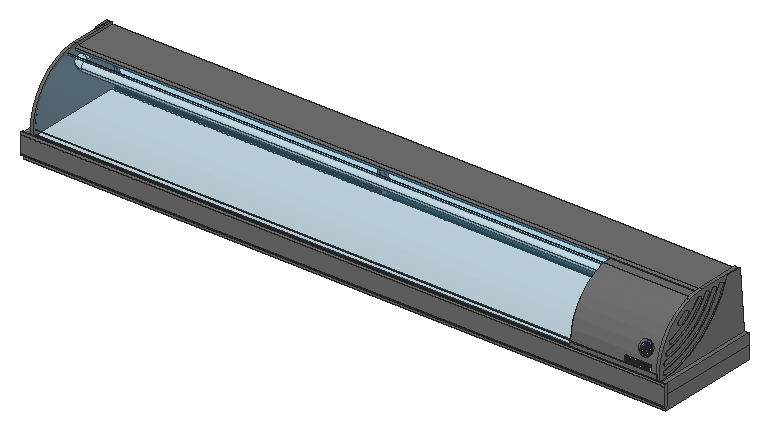
Revit family "QF_HOSHIZAKI_HNC-210BE-R-BLH", category Specialty Equipment, Revit 2016
Family settings
  Part Type = Normal
  Round Connector Dimension = Use Diameter
  OmniClass Number = 23.40.40.14
  OmniClass Title = Food Service Equipment
  Work Plane-Based = No
  Always vertical = Yes
  Cut with Voids When Loaded = No
  Shared = No
  Room Calculation Point = No
Parameters (values of type "HNC-210BE-R-BLH_230V/1Ph/50Hz")
  Weight = 47.00 kg
  Waste Remarks [instance] = ""
  Volts = 230 V
  URL Cutsheet = ""
  URL = "www.hoshizaki-europe.com"
  Status [instance] = ""
  Specification by User [instance] = ""
  Specification by Manufacturer [instance] = ""
  Serial Number = ""
  Seismic Rating = ""
  SMACNA No = ""
  Revision Code [instance] = ""
  Phase = 1
  Number of Poles = 2
  NAFEM Spec ID Number = ""
  Model = "HNC-210BE-R-BLH"
  Min Ckt Ampacity = 0 A
  Max Overcurrent Protection = 0 A
  Masterspec = ""
  Manufacturer = "HOSHIZAKI"
  Length Actual = 2100 mm
  Item Number [instance] = ""
  Installed By [instance] = ""
  Indirect Waste Size = 50.8 mm
  Indirect Waste Connection Type [instance] = ""
  Indirect Waste Connection Height [instance] = 23 mm
  Identify Quantity as Lot [instance] = no
  Height Actual = 270 mm
  HP power = ""
  Furnished By [instance] = ""
  Foodservice Equipment Identifier [instance] = yes
  FL Amps = 0.6 A
  Electric power = 140 W
  Electric Connection Type [instance] = ""
  Elec Conn RI Height [instance] = 0 mm
  Elec Conn Connection Height [instance] = 19 mm
  Direct Waste RI Height [instance] = 0 mm
  Description = "SUSHI CASE WITH LED LIGHTING, RIGHT SIDED - BLACK"
  Depth Actual = 345 mm
  Cycle = 50 Hz
  Cost = 0
  Conn Plug = ""
  Conn Conduit = no
  CSI MasterFormat = ""
  Assembly Code = "E1090320"
  Apparent Power = 140 VA
  Accessory = no
Reference planes
  plane 1 "Center (Front/Back)": y = 0
  plane 2: z = 0
  plane 3 "Center (Left/Right)": x = 0
Forms (mm)
  Extrusion 1, solid, not visible
    sketch origin (2069, -2, 18) x (1, 0, 0) y (0, 1, 0)
      loop
        line (0, 0) -> (2, 0) -> (2, 2) -> (0, 2) -> (0, 0)
    from 0 to 2
  Extrusion 2, solid, not visible
    sketch origin (67, -2, 22) x (1, 0, 0) y (0, 1, 0)
      loop
        line (0, 0) -> (2, 0) -> (2, 2) -> (0, 2) -> (0, 0)
    from 0 to 2
Dimensions and locks
  aligned and locked: level to plane 2
Nested families
  nested 1: "QF_HOSHIZAKI_HNC-210BE-R-BLH_230V_1Ph_50Hz" at (0, 0, 0), type "HNC-210BE-R-BLH_230V/1Ph/50Hz"
    with Status "", Specification by User "", Show Clearance yes, Revision Code "", Number of Poles 1, Item Number "", Installed By "", Identify Quantity as Lot no, Furnished By "", Foodservice Equipment Identifier yes, Electrical Remarks "", Electric Connection Type "", Elec Conn RI Height 0 mm, Elec Conn Connection Height 19 mm, Conn Conduit yes
Connectors
  electrical at (2070, 0, 19), driven by "Apparent Power", driven by "Number of Poles", driven by "Volts"
    settings: on Extrusion 1, index 1, voltage 230 V, apparent load 0 VA, apparent load phase1 140 VA, apparent load phase2 0 VA, apparent load phase3 0 VA, power factor 1, load classification "Other", number of poles 2, system type 31, power factor state 1, is connector primary yes, connector utility no, sub classification motor no, connector description "Electric connection for 'HNC-210BE-R-BLH'"
  piping at (68, 0, 23), diameter 50.8, driven by "Indirect Waste Size"
    settings: on Extrusion 2, index 2, connector inside diameter 609.6 mm, connector length 0 mm, flow factor 0, pipe flow 0.0 L/s, pressure drop 0.0 Pa, fitting loss kfactor 0, connector angle 0.00°, fixture units 0, engagement length 0 mm, angle of deflection 0.00°, flow configuration 1, flow direction 2, fitting loss method 0, system type 16, joint type 0, gender type 0, connector reference index -1, connector utility 0, adjustable connector no, is connector primary yes, connector description "Drain connection for 'HNC-210BE-R-BLH'"
Definition of nested family "QF_HOSHIZAKI_HNC-210BE-R-BLH_230V_1Ph_50Hz"
  Parameters (values of type "HNC-210BE-R-BLH_230V/1Ph/50Hz")
    Weight in Pounds = 103.6171
    Electric power = 150 W
    Volts = 230 V
    URL Cutsheet = "www.hoshizaki-europe.com"
    URL = "www.hoshizaki-europe.com"
    Status [instance] = ""
    Specification by User [instance] = ""
    Specification by Manufacturer = ""
    Show Logo = yes
    Show Clearance [instance] = yes
    Serial Number = ""
    Seismic Rating = ""
    SMACNA No = ""
    Revision Code [instance] = ""
    Phase = 1
    Number of Poles [instance] = 1
    NAFEM Spec ID Number = ""
    Model = "HNC-210BE-R-BLH"
    Min Ckt Ampacity = 0 A
    Max Overcurrent Protection = 0 A
    Masterspec = ""
    Manufacturer = "HOSHIZAKI"
    Item Number [instance] = ""
    Installed By [instance] = ""
    Identify Quantity as Lot [instance] = no
    HP power = "0.201153000000"
    Furnished By [instance] = ""
    Foodservice Equipment Identifier [instance] = yes
    FL Amps = 20 A
    Electrical Remarks [instance] = ""
    Electric Connection Type [instance] = ""
    Elec Conn RI Height [instance] = 0 mm
    Elec Conn Connection Height [instance] = 19 mm
    Description = "SUSHI CASE WITH LED LIGHTING, RIGHT SIDED - BLACK"
    Cycle = 50 Hz
    Conn Plug = ""
    Conn Conduit [instance] = yes
    CSI MasterFormat = ""
    Assembly Code = "E1090320"
    Apparent Power = 150 VA
  Reference planes
    plane 1 "Back": y = 0
    plane 2: z = 0
    plane 3 "Left": x = 0
    plane 4 "Right": x = 2100
    plane 5 "Front": y = -345
    plane 6 "Top": z = 270
  Forms (mm)
    Extrusion 1, solid
      sketch origin (2100, 0, 0) x (0, 1, 0) y (0, 0, -1)
        loop
          line (-335, -11.612) -> (-340, -11.612)
          arc (-340, -11.612) -> (-343.536, -13.076) -> (-345, -16.612) r 5
          line (-345, -16.612) -> (-345, -73.923)
          arc (-345, -73.923) -> (-343.536, -77.458) -> (-340, -78.923) r 5
          line (-340, -78.923) -> (-335, -78.923) -> (-335, -11.612)
      from 0 to 2100
    Extrusion 2, solid
      sketch origin (2096, 0, 0) x (0, 1, 0) y (0, 0, -1)
        loop
          line (0, 0) -> (-335, 0) -> (-335, -45.267) -> (0, -45.267) -> (0, 0)
      from 2092 to 0
    Extrusion 3, solid
      sketch origin (20, 0, 0) x (0, 1, 0) y (0, 0, 1)
        loop
          line (-335, 77.311) -> (-335, 45.267) -> (0, 45.267) -> (0, 81.612) -> (-16.482, 270) -> (-62.821, 270)
          arc (-62.821, 270) -> (-168.876, 131.23) -> (-335, 77.311) r 293.422
        loop
          arc (-83.709, 252.219) -> (-87.673, 258.508) -> (-95.039, 257.5) r 6.865
          arc (-95.039, 257.5) -> (-185.592, 150.044) -> (-318.029, 103.066) r 268.422
          arc (-318.029, 103.066) -> (-323.161, 96.407) -> (-317.08, 90.602) r 6.285
          arc (-317.08, 90.602) -> (-178.479, 139.765) -> (-83.709, 252.219) r 280.922
        loop
          arc (-111.859, 251.686) -> (-115.571, 258.059) -> (-122.925, 257.5) r 6.947
          arc (-122.925, 257.5) -> (-202.759, 168.597) -> (-315.28, 128.393) r 243.422
          arc (-315.28, 128.393) -> (-320.31, 121.62) -> (-314.06, 115.953) r 6.28
          arc (-314.06, 115.953) -> (-195.78, 158.227) -> (-111.859, 251.686) r 255.922
        loop
          arc (-140.937, 251.021) -> (-143.81, 258.338) -> (-151.626, 257.5) r 6.48
          arc (-151.626, 257.5) -> (-218.228, 188.332) -> (-308.057, 154.411) r 218.422
          arc (-308.057, 154.411) -> (-312.519, 147.451) -> (-306.269, 142.04) r 6.315
          arc (-306.269, 142.04) -> (-211.328, 177.909) -> (-140.937, 251.021) r 230.922
        loop
          arc (-173, 248.071) -> (-175.054, 255.795) -> (-183.042, 255.516) r 6.411
          arc (-183.042, 255.516) -> (-231.849, 209.297) -> (-293.527, 182.572) r 193.422
          arc (-293.527, 182.572) -> (-298.352, 176.046) -> (-293.13, 169.833) r 6.554
          arc (-293.13, 169.833) -> (-226.037, 198.16) -> (-173, 248.071) r 205.922
        loop
          arc (-225.482, 229.368) -> (-225.701, 237.193) -> (-233.285, 239.134) r 6.501
          arc (-233.285, 239.134) -> (-246.737, 229.431) -> (-261.08, 221.097) r 168.422
          arc (-261.08, 221.097) -> (-262.519, 213.318) -> (-255.34, 209.993) r 6.452
          arc (-255.34, 209.993) -> (-239.933, 218.945) -> (-225.482, 229.368) r 180.922
      from 0 to 5
    Extrusion 4, solid
      sketch origin (25, 0, 0) x (0, 1, 0) y (0, 0, 1)
        loop
          line (-335, 45.267) -> (0, 45.267) -> (0, 81.612) -> (-16.482, 270) -> (-157.482, 270)
          arc (-157.482, 270) -> (-288.48, 212.569) -> (-335, 77.311) r 178.115
          line (-335, 77.311) -> (-335, 45.267)
      from 0 to 10
    Extrusion 5, solid
      sketch origin (2080, 0, 0) x (0, 1, 0) y (0, 0, -1)
        loop
          arc (-335, -77.311) -> (-168.876, -131.23) -> (-62.821, -270) r 293.422
          line (-62.821, -270) -> (-16.482, -270) -> (0, -81.612) -> (0, -45.267) -> (-335, -45.267) -> (-335, -77.311)
        loop
          arc (-83.709, -252.219) -> (-178.479, -139.765) -> (-317.08, -90.602) r 280.922
          arc (-317.08, -90.602) -> (-323.161, -96.407) -> (-318.029, -103.066) r 6.285
          arc (-318.029, -103.066) -> (-185.592, -150.044) -> (-95.039, -257.5) r 268.422
          arc (-95.039, -257.5) -> (-87.673, -258.508) -> (-83.709, -252.219) r 6.865
        loop
          arc (-111.859, -251.686) -> (-195.78, -158.227) -> (-314.06, -115.953) r 255.922
          arc (-314.06, -115.953) -> (-320.31, -121.62) -> (-315.28, -128.393) r 6.28
          arc (-315.28, -128.393) -> (-202.759, -168.597) -> (-122.925, -257.5) r 243.422
          arc (-122.925, -257.5) -> (-115.571, -258.059) -> (-111.859, -251.686) r 6.947
        loop
          arc (-140.937, -251.021) -> (-211.328, -177.909) -> (-306.269, -142.04) r 230.922
          arc (-306.269, -142.04) -> (-312.519, -147.451) -> (-308.057, -154.411) r 6.315
          arc (-308.057, -154.411) -> (-218.228, -188.332) -> (-151.626, -257.5) r 218.422
          arc (-151.626, -257.5) -> (-143.81, -258.338) -> (-140.937, -251.021) r 6.48
        loop
          arc (-173, -248.071) -> (-226.037, -198.16) -> (-293.13, -169.833) r 205.922
          arc (-293.13, -169.833) -> (-298.352, -176.046) -> (-293.527, -182.572) r 6.554
          arc (-293.527, -182.572) -> (-231.849, -209.297) -> (-183.042, -255.516) r 193.422
          arc (-183.042, -255.516) -> (-175.054, -255.795) -> (-173, -248.071) r 6.411
        loop
          arc (-225.482, -229.368) -> (-239.933, -218.945) -> (-255.34, -209.993) r 180.922
          arc (-255.34, -209.993) -> (-262.519, -213.318) -> (-261.08, -221.097) r 6.452
          arc (-261.08, -221.097) -> (-246.737, -229.431) -> (-233.285, -239.134) r 168.422
          arc (-233.285, -239.134) -> (-225.701, -237.193) -> (-225.482, -229.368) r 6.501
      from 0 to 5
    Extrusion 6, solid
      sketch origin (2075, 0, 0) x (0, 1, 0) y (0, 0, -1)
        loop
          line (-335, -45.267) -> (-335, -77.311)
          arc (-335, -77.311) -> (-288.48, -212.569) -> (-157.482, -270) r 178.115
          line (-157.482, -270) -> (-16.482, -270) -> (0, -81.612) -> (0, -45.267) -> (-335, -45.267)
      from 0 to 10
    Extrusion 7, solid
      sketch origin (2100, 0, 0) x (0, 1, 0) y (0, 0, -1)
        loop
          line (-335.005, -77.311) -> (-335.597, -91.885) -> (-330.597, -91.885)
          arc (-330.597, -91.885) -> (-293.716, -198.698) -> (-198.787, -260) r 173.115
          line (-198.787, -260) -> (-15.607, -260) -> (0, -81.612) -> (0, -45.267) -> (-9.983, -45.267) -> (-9.983, -77.311) -> (-335.005, -77.311)
      from 35 to 317
    Extrusion 8, solid
      sketch origin (2100, 0, 0) x (0, 1, 0) y (0, 0, -1)
        loop
          line (-9.983, -45.267) -> (-335, -45.267) -> (-335, -67.293)
          arc (-335, -67.293) -> (-332.066, -74.377) -> (-324.983, -77.311) r 10.017
          line (-324.983, -77.311) -> (-20.035, -77.311)
          arc (-20.035, -77.311) -> (-12.951, -74.377) -> (-9.983, -67.293) r 10.017
          line (-9.983, -67.293) -> (-9.983, -45.267)
      from 35 to 2065
    Extrusion 9, solid
      sketch origin (2100, 0, 0) x (0, 1, 0) y (0, 0, -1)
        loop
          line (-16.044, -265) -> (-15.169, -255) -> (-166.142, -255) -> (-166.142, -260)
          arc (-166.142, -260) -> (-162.482, -263.66) -> (-157.482, -265) r 10
          line (-157.482, -265) -> (-16.044, -265)
      from 35 to 2065
    Extrusion 10, solid
      sketch origin (2100, 0, 0) x (0, 1, 0) y (0, 0, -1)
        loop
          line (-166.142, -260) -> (-166.142, -255) -> (-198.178, -255)
          arc (-198.178, -255) -> (-289.967, -195.377) -> (-325.597, -91.885) r 168.115
          line (-325.597, -91.885) -> (-325.597, -77.395) -> (-330.597, -77.395) -> (-330.597, -91.885)
          arc (-330.597, -91.885) -> (-293.716, -198.698) -> (-198.787, -260) r 173.115
          line (-198.787, -260) -> (-166.142, -260)
      from 317 to 2065
    Sweep 11, solid
      path origin (1201.432, 0, 230) x (-1, 0, 0) y (0, -1, 0)
        loop
          line (1072.551, 50.66) -> (1112.551, 50.66)
          arc (1112.551, 50.66) -> (1140.051, 62.051) -> (1151.442, 89.551) r 38.891
          line (1151.442, 89.551) -> (1151.442, 153.787)
          arc (1151.442, 153.787) -> (1142.122, 176.287) -> (1119.622, 185.607) r 31.82
          line (1119.622, 185.607) -> (-580.378, 185.607)
      profile origin (108.88, -50.66, 230) x (0, -1, 0) y (0, 0, 1)
        loop
          circle (0, 0) r 12.5
    Extrusion 12, solid
      sketch origin (2100, 0, 0) x (0, 1, 0) y (0, 0, -1)
        loop
          line (0, -45.267) -> (-10, -45.267) -> (-10, -77.311) -> (-5, -77.311) -> (-5, -81.612) -> (-6.743, -101.536) -> (-1.743, -101.536) -> (0, -81.612) -> (0, -45.267)
      from 317 to 2065
    Extrusion 13, solid
      sketch origin (1200, 0, 0) x (0, 1, 0) y (0, 0, -1)
        loop
          line (-6.743, -101.536) -> (-20.169, -255) -> (-15.169, -255) -> (-1.743, -101.536) -> (-6.743, -101.536)
      from 1150 to 1165
    Extrusion 14, solid
      sketch origin (1783, -10, 0) x (0, 1, 0) y (0, 0, -1)
        loop
          line (-5, -77.311) -> (-9.917, -77.311) -> (-9.917, -80.666) -> (-25.169, -255) -> (-20.169, -255) -> (-5, -81.612) -> (-5, -77.311)
      from 0 to 850
    Extrusion 15, solid
      sketch origin (2100, 0, 0) x (-1, 0, 0) y (0, 0, -1)
        loop
          line (20, -45.267) -> (4, -45.267) -> (4, -78.923) -> (20, -78.923) -> (20, -45.267)
      from 0 to 335
    Extrusion 16, solid
      sketch origin (20, 0, 0) x (-1, 0, 0) y (0, 0, -1)
        loop
          line (16, -45.267) -> (0, -45.267) -> (0, -78.923) -> (16, -78.923) -> (16, -45.267)
      from 0 to 335
    Extrusion 17, solid
      sketch origin (2070, 5, 19) x (-1, 0, 0) y (0, 0, -1)
        loop
          circle (0, 0) r 5
      from 0 to 5
    Extrusion 18, solid
      sketch origin (600, 0, 0) x (0, 1, 0) y (0, 0, -1)
        loop
          line (-5, -77.311) -> (-9.917, -77.311) -> (-9.917, -80.666) -> (-25.169, -255) -> (-20.169, -255) -> (-5, -81.612) -> (-5, -77.311)
      from -300 to 550
    Extrusion 19, solid
      sketch origin (900, 0, 0) x (0, 1, 0) y (0, 0, 1)
        loop
          line (-6.743, 101.536) -> (-2.401, 109.056) -> (-14.603, 248.524) -> (-20.169, 255) -> (-25.169, 255) -> (-9.917, 80.666) -> (-4.917, 80.666) -> (-6.743, 101.536)
      from 16 to 0
    Extrusion 20, solid
      sketch origin (917, -10, 0) x (0, 1, 0) y (0, 0, 1)
        loop
          line (-6.743, 101.536) -> (-2.401, 109.056) -> (-14.603, 248.524) -> (-20.169, 255) -> (-25.169, 255) -> (-9.917, 80.666) -> (-4.917, 80.666) -> (-6.743, 101.536)
      from 16 to 0
    Extrusion 21, solid, visible <- "Show Logo"
      sketch origin (1913.022, -388.555, -502.69) x (1, 0, 0) y (0, 0.087156, 0.996195)
        loop
          line (55.338, 616.136) -> (55.338, 615.183) -> (56.401, 614.569) -> (56.401, 609.537) -> (55.338, 608.924) -> (55.338, 607.971) -> (59.638, 607.971) -> (59.638, 608.924) -> (58.286, 609.537) -> (58.286, 611.434) -> (61.704, 611.434) -> (61.704, 609.537) -> (60.353, 608.924) -> (60.353, 607.971) -> (64.652, 607.971) -> (64.652, 608.924) -> (63.589, 609.537) -> (63.589, 614.569) -> (64.652, 615.183) -> (64.652, 616.136) -> (60.353, 616.136) -> (60.353, 615.183) -> (61.704, 614.569) -> (61.704, 612.924) -> (58.286, 612.924) -> (58.286, 614.569) -> (59.638, 615.183) -> (59.638, 616.136) -> (55.338, 616.136)
        loop
          spline (69.001, 608.002) -> (70.129, 608.14) -> (71.179, 608.547) -> (72.081, 609.193) -> (72.773, 610.035) -> (73.209, 611.016) -> (73.357, 612.069) -> (73.209, 613.121) -> (72.773, 614.102) -> (72.081, 614.944) -> (71.179, 615.591) -> (70.129, 615.997) -> (69.001, 616.136)
          spline (69.001, 616.136) -> (67.874, 615.997) -> (66.824, 615.591) -> (65.922, 614.944) -> (65.229, 614.102) -> (64.794, 613.121) -> (64.646, 612.069) -> (64.794, 611.016) -> (65.229, 610.035) -> (65.922, 609.193) -> (66.824, 608.547) -> (67.874, 608.14) -> (69.001, 608.002)
        loop
          spline (68.927, 609) -> (69.484, 609.105) -> (70.004, 609.411) -> (70.45, 609.899) -> (70.792, 610.534) -> (71.007, 611.274) -> (71.08, 612.069) -> (71.007, 612.863) -> (70.792, 613.603) -> (70.45, 614.239) -> (70.004, 614.726) -> (69.484, 615.033) -> (68.927, 615.137)
          spline (68.927, 615.137) -> (68.37, 615.033) -> (67.851, 614.726) -> (67.405, 614.239) -> (67.063, 613.603) -> (66.847, 612.863) -> (66.774, 612.069) -> (66.847, 611.274) -> (67.063, 610.534) -> (67.405, 609.899) -> (67.851, 609.411) -> (68.37, 609.105) -> (68.927, 609)
        loop
          line (81.179, 616.194) -> (79.474, 615.758)
          arc (79.474, 615.758) -> (77.281, 616.22) -> (75.089, 615.753) r 5.403
          arc (75.089, 615.753) -> (73.886, 613.9) -> (75.089, 612.047) r 2.029
          line (75.089, 612.047) -> (78.971, 610.634)
          arc (78.971, 610.634) -> (79.436, 609.97) -> (78.971, 609.307) r 0.706
          arc (78.971, 609.307) -> (77.855, 609.11) -> (76.74, 609.307) r 3.262
          line (76.74, 609.307) -> (75.274, 610.772) -> (73.787, 610.772) -> (73.787, 608.097) -> (75.666, 608.577)
          arc (75.666, 608.577) -> (78.223, 607.78) -> (80.78, 608.577) r 4.5
          arc (80.78, 608.577) -> (81.48, 610.43) -> (80.78, 612.283) r 2.804
          line (80.78, 612.283) -> (76.487, 613.433)
          arc (76.487, 613.433) -> (75.882, 614.221) -> (76.487, 615.009) r 0.816
          arc (76.487, 615.009) -> (77.614, 615.157) -> (78.742, 615.009) r 4.357
          line (78.742, 615.009) -> (79.927, 613.433) -> (81.179, 613.433) -> (81.179, 616.194)
        loop
          line (82.271, 616.136) -> (82.271, 615.183) -> (83.334, 614.569) -> (83.334, 609.537) -> (82.271, 608.924) -> (82.271, 607.971) -> (86.57, 607.971) -> (86.57, 608.924) -> (85.219, 609.537) -> (85.219, 611.434) -> (88.636, 611.434) -> (88.636, 609.537) -> (87.285, 608.924) -> (87.285, 607.971) -> (91.585, 607.971) -> (91.585, 608.924) -> (90.522, 609.537) -> (90.522, 614.569) -> (91.585, 615.183) -> (91.585, 616.136) -> (87.285, 616.136) -> (87.285, 615.183) -> (88.636, 614.569) -> (88.636, 612.924) -> (85.219, 612.924) -> (85.219, 614.569) -> (86.57, 615.183) -> (86.57, 616.136) -> (82.271, 616.136)
        loop
          line (96.706, 616.136) -> (92.416, 616.136) -> (92.416, 615.183) -> (93.479, 614.569) -> (93.479, 609.537) -> (92.416, 608.924) -> (92.416, 607.971) -> (96.706, 607.971) -> (96.706, 608.924) -> (95.643, 609.537) -> (95.643, 614.569) -> (96.706, 615.183) -> (96.706, 616.136)
        loop
          line (97.667, 616.136) -> (97.667, 612.671) -> (98.907, 612.671) -> (98.907, 614.463) -> (99.558, 615.114) -> (102.547, 615.114) -> (97.667, 609.299) -> (97.667, 607.971) -> (104.908, 607.971) -> (104.908, 611.273) -> (103.649, 611.273) -> (103.649, 609.958) -> (102.708, 609.299) -> (100.239, 609.299) -> (104.908, 614.862) -> (104.908, 616.136) -> (97.667, 616.136)
        loop
          line (105.624, 607.971) -> (109.33, 607.971) -> (109.33, 609.028) -> (107.454, 609.028) -> (108.104, 610.636) -> (111.138, 610.636) -> (111.792, 609.702) -> (111.119, 609.028) -> (110.298, 609.028) -> (110.298, 607.971) -> (114.469, 607.971) -> (114.469, 609.299) -> (110.933, 616.136) -> (109.33, 616.136) -> (106.458, 609.028) -> (105.624, 609.028) -> (105.624, 607.971)
        loop
          line (114.779, 616.136) -> (114.779, 615.083) -> (116.046, 615.083) -> (116.046, 609.299) -> (114.99, 609.299) -> (114.99, 607.971) -> (118.696, 607.971) -> (117.926, 609.461) -> (117.926, 610.349) -> (119.101, 611.525) -> (121.327, 609.299) -> (120.053, 609.299) -> (120.053, 607.971) -> (124.657, 607.971) -> (124.657, 609.299) -> (123.759, 609.299) -> (120.592, 613.016) -> (122.659, 615.083) -> (123.759, 615.083) -> (123.759, 616.136) -> (120.053, 616.136) -> (120.053, 615.083) -> (121.071, 615.083) -> (117.926, 611.937) -> (118.696, 615.083) -> (118.696, 616.136) -> (114.779, 616.136)
        loop
          line (129.485, 616.136) -> (125.196, 616.136) -> (125.196, 615.183) -> (126.259, 614.569) -> (126.259, 609.537) -> (125.196, 608.924) -> (125.196, 607.971) -> (129.485, 607.971) -> (129.485, 608.924) -> (128.422, 609.537) -> (128.422, 614.569) -> (129.485, 615.183) -> (129.485, 616.136)
        loop
          line (109.583, 614.299) -> (108.553, 611.748) -> (110.666, 611.748) -> (109.583, 614.299)
        loop
          line (52.372, 617.338) -> (52.372, 606.471) -> (131.113, 606.471) -> (131.113, 617.338) -> (52.372, 617.338)
        loop
          line (133.113, 619.338) -> (50.372, 619.338) -> (50.372, 604.471) -> (133.113, 604.471) -> (133.113, 619.338)
      from -1 to 1
    Extrusion 22, solid, visible <- "Show Logo"
      sketch origin (1923.022, -389.8, -522.657) x (1, 0, 0) y (0, 0.087156, 0.996195)
        loop
          line (42.372, 637.338) -> (42.372, 626.471) -> (121.113, 626.471) -> (121.113, 637.338) -> (42.372, 637.338)
      from -1 to 1
    Extrusion 23, solid, visible <- "Show Logo"
      sketch origin (2482.337, -1020.907, -1575.175) x (-1, 0, 0) y (0, -0.374607, -0.927184)
        loop
          circle (459.884, -1862.5) r 13.99
      from 0 to 2.5
    Extrusion 24, solid, visible <- "Show Logo"
      sketch origin (2482.337, -1021.37, -1574.988) x (-1, 0, 0) y (0, -0.374607, -0.927184)
        loop
          circle (459.884, -1862.5) r 15
        loop
          arc (446.884, -1862.5) -> (460.705, -1875.474) -> (472.781, -1860.863) r 13
          line (472.781, -1860.863) -> (470.355, -1858.437) -> (469.346, -1862.201) -> (466.355, -1863.928) -> (465.024, -1865.26) -> (463.375, -1865.26) -> (462.04, -1870.241) -> (457.755, -1870.241) -> (459.339, -1867.979) -> (460.402, -1864.014) -> (461.224, -1860.945) -> (462.416, -1856.497) -> (461.216, -1855.297) -> (459.433, -1857.843) -> (455.784, -1851.523) -> (460.361, -1851.523) -> (461.471, -1853.446) -> (469.213, -1853.446)
          arc (469.213, -1853.446) -> (460.394, -1849.51) -> (451.293, -1852.743) r 13
          line (451.293, -1852.743) -> (455.577, -1853.891) -> (453.752, -1856.497) -> (455.349, -1856.497) -> (454.477, -1866.459) -> (452.538, -1866.459) -> (446.884, -1862.5)
        loop
          line (447.853, -1857.467) -> (452.313, -1861.926) -> (450.144, -1853.891)
          arc (450.144, -1853.891) -> (448.878, -1855.602) -> (447.853, -1857.467) r 15.828
        loop
          line (463.583, -1862.877) -> (466.64, -1862.399) -> (464.901, -1861.285) -> (463.583, -1857.664) -> (463.583, -1862.877)
        loop
          line (464.827, -1855.979) -> (468.296, -1856.908) -> (469.573, -1854.916) -> (468.881, -1854.224) -> (467.914, -1855.035) -> (464.827, -1855.979)
        loop
          line (462.609, -1872.307) -> (462.609, -1874.009) -> (464.927, -1873.388) -> (462.609, -1872.307)
        loop
          line (460.361, -1874.662) -> (459.594, -1873.335) -> (460.801, -1872.638) -> (459.186, -1872.205) -> (458.298, -1874.11) -> (460.361, -1874.662)
        loop
          line (459.623, -1846.783) -> (460.706, -1845.701) -> (462.247, -1845.701) -> (461.191, -1844.645) -> (461.503, -1842.874) -> (459.623, -1843.959) -> (457.743, -1842.874) -> (458.055, -1844.645) -> (456.999, -1845.701) -> (458.54, -1845.701) -> (459.623, -1846.783)
        loop
          line (446.86, -1853.7) -> (446.594, -1852.191) -> (447.478, -1850.929) -> (446.007, -1851.188) -> (444.736, -1849.917) -> (444.547, -1852.08) -> (442.579, -1852.997) -> (444.209, -1853.757) -> (444.468, -1855.228) -> (445.352, -1853.965) -> (446.86, -1853.7)
        loop
          line (452.395, -1848.68) -> (452.856, -1847.219) -> (454.223, -1846.508) -> (452.799, -1846.059) -> (452.258, -1844.344) -> (451.091, -1846.175) -> (448.922, -1846.08) -> (450.017, -1847.507) -> (449.568, -1848.931) -> (450.935, -1848.219) -> (452.395, -1848.68)
        loop
          line (472.909, -1853.7) -> (474.417, -1853.965) -> (475.301, -1855.228) -> (475.56, -1853.757) -> (477.19, -1852.997) -> (475.222, -1852.08) -> (475.033, -1849.917) -> (473.761, -1851.188) -> (472.291, -1850.929) -> (473.175, -1852.191) -> (472.909, -1853.7)
        loop
          line (467.374, -1848.68) -> (468.834, -1848.219) -> (470.201, -1848.931) -> (469.752, -1847.507) -> (470.847, -1846.08) -> (468.678, -1846.175) -> (467.511, -1844.344) -> (466.97, -1846.059) -> (465.546, -1846.508) -> (466.913, -1847.219) -> (467.374, -1848.68)
      from 0 to 2.5
    Extrusion 25, solid, visible <- "Show Logo"
      sketch origin (2482.337, -1021.37, -1574.988) x (-1, 0, 0) y (0, -0.374607, -0.927184)
        loop
          line (462.609, -1874.009) -> (462.609, -1872.307) -> (462.085, -1870.241) -> (457.755, -1870.241) -> (459.339, -1867.979) -> (462.416, -1856.497) -> (461.216, -1855.297) -> (459.433, -1857.843) -> (455.808, -1851.565) -> (453.948, -1851.565) -> (455.577, -1853.891) -> (454.477, -1866.459) -> (456.345, -1871.339)
          arc (456.345, -1871.339) -> (456.868, -1874.025) -> (459.213, -1875.435) r 3.366
          arc (459.213, -1875.435) -> (460.198, -1875.496) -> (461.183, -1875.435) r 8.046
          line (461.183, -1875.435) -> (462.609, -1874.009)
        loop
          line (456.854, -1851.523) -> (460.361, -1851.523) -> (460.916, -1852.485) -> (462.702, -1852.485) -> (463.779, -1851.407) -> (460.623, -1851.407) -> (461.563, -1850.468) -> (456.245, -1850.468) -> (456.854, -1851.523)
        loop
          line (460.361, -1874.662) -> (459.594, -1873.335) -> (460.801, -1872.638) -> (459.186, -1872.205) -> (458.298, -1874.11) -> (460.361, -1874.662)
      from 0 to 2.5
    Extrusion 26, solid, visible <- "Show Logo"
      sketch origin (2467.953, -534.33, -370.856) x (-1, 0, 0) y (0, -0.374607, -0.927184)
        loop
          circle (445.5, -563.6) r 22.5
      from 0 to 2
  Lines and regions (mm)
    symbolic lines
      curve 1: line (2100, -335, 0) -> (2100, -345, 0)
      curve 2: line (2100, -345, 0) -> (0, -345, 0)
      curve 3: line (0, -345, 0) -> (0, -335, 0)
      curve 4: line (0, -335, 0) -> (4, -335, 0)
      curve 5: line (4, -335, 0) -> (4, 0, 0)
      curve 6: line (4, 0, 0) -> (2096, 0, 0)
      curve 7: line (2065, 0, 0) -> (2065, 5, 0)
      curve 8: line (2065, 5, 0) -> (2075, 5, 0)
      curve 9: line (2075, 5, 0) -> (2075, 0, 0)
      curve 10: line (2096, 0, 0) -> (2096, -335, 0)
      curve 11: line (2096, -335, 0) -> (2100, -335, 0)
      curve 12: line (2096, -335, 0) -> (4, -335, 0)
      curve 13: line (35, -335, 0) -> (35, 0, 0)
      curve 14: line (2065, -335, 0) -> (2065, 0, 0)
      curve 15: line (1783, 0, 0) -> (1783, -335, 0)
      curve 16: line (35, -166.142, 0) -> (1783, -166.142, 0)
  Dimensions and locks
    aligned and locked: level to plane 2
  Connectors
    electrical at (2070, 5, 19), driven by "Apparent Power", driven by "Volts", driven by "Number of Poles"
      settings: on Extrusion 17, index 2, voltage 230 V, apparent load 0 VA, apparent load phase1 150 VA, apparent load phase2 0 VA, apparent load phase3 0 VA, power factor 1, load classification none, number of poles 1, system type 31, power factor state 1, is connector primary yes, connector utility no, sub classification motor no, connector description "Electrical connection"
